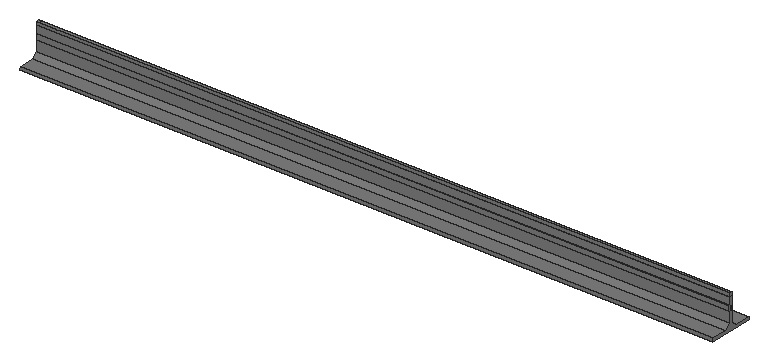
Revit family "K-Form_K85_p_i_t_5021201", category Generic Models, Revit 2020
Family settings
  Can host rebar = No
  Round Connector Dimension = Use Diameter
  Part Type = Normal
  Work Plane-Based = Yes
  Always vertical = No
  Cut with Voids When Loaded = No
  Shared = No
  Room Calculation Point = No
Parameters (values of type "K-Form K85 w. Raiser")
  Yes/No Topliste [instance] = yes
  Yes/No Raiser = yes
  Website Link [instance] = "https://www.haucon.fi/tuotteet/liikuntasaumalaitteet/k-form-valurajaaja-ja-liikuntasaumalaite/44/k-form"
  URL = ""
  Total Length [instance] = 2440 mm
  Technical Data Sheet [instance] = ""
  Plastic = PVC
  List Height = 114 mm
  K-Form Height = 85 mm
  Default Elevation = 1219.2 mm
Types (5, lengths in mm): name | Yes/No Raiser | List Height | K-Form Height
  (no name) | yes | 114 | 85
  K-Form K85 w. Raiser | yes | 114 | 85
  K-Form K135 | no | 135 | 135
  K-Form K85 | no | 85 | 85
  K-Form K135 w. Raiser | yes | 164 | 135
Reference planes
  plane 1 "Center (Front/Back)": y = 0
  plane 2: z = 0
  plane 3 "Center (Left/Right)": x = 0
  plane 4 "Total width": y = 155
  plane 5 "Total length": x = 2440
  plane 6 "Top Height": z = 25.455
  plane 7 "Total height": z = 85
Forms (mm)
  Extrusion 1, solid, material "PVC" <- "Plastic"
    sketch origin (0, 0, 0) x (0, 1, 0) y (0, 0, 1)
      loop
        line (0, 0) -> (155, 0) -> (155, 10) -> (97.91, 10) -> (82.455, 25.455) -> (82.455, 80.967) -> (79.455, 80.967) -> (79.455, 85) -> (75.455, 85) -> (75.455, 80.967) -> (72.455, 80.967) -> (72.455, 26.204) -> (56.251, 10) -> (0, 10) -> (0, 0)
    from 0 to 2440
Dimensions and locks
  "Total Length": plane 3 "Center (Left/Right)" to plane 5 "Total length"
  locked: plane 6 "Top Height" to Extrusion 1 sketch curve at 25.455
  locked: Extrusion 1 sketch curve to Extrusion 1 sketch curve at 10
  "K-Form Height": plane 7 "Total height" to level
  "List Height": nested 1 to level
  aligned and locked: level to plane 2
  aligned and locked: plane 4 "Total width" to Extrusion 1 sketch curve
  aligned and locked: plane 1 "Center (Front/Back)" to Extrusion 1 sketch curve
  aligned and locked: Extrusion 1 to plane 3 "Center (Left/Right)"
  aligned and locked: Extrusion 1 to plane 5 "Total length"
  aligned and locked: Extrusion 1 sketch curve to Extrusion 1 sketch curve
  aligned and locked: plane 5 "Total length" to nested 1
  aligned and locked: plane 3 "Center (Left/Right)" to nested 1
  aligned and locked: nested 2 to Extrusion 1  (x2)
  aligned and locked: nested 1 to Extrusion 1
  aligned and locked: plane 5 "Total length" to nested 2
Automatic sketch dimensions
  Extrusion 1 sketch curve to plane 7 "Total height" = 0 mm
  Extrusion 1 sketch curve to plane 6 "Top Height" = 0 mm
  level to Extrusion 1 sketch curve = 10 mm
  Extrusion 1 sketch curve to plane 1 "Center (Front/Back)" = 56.251 mm
  plane 6 "Top Height" to Extrusion 1 sketch curve = 0.749 mm
  Extrusion 1 sketch curve to Extrusion 1 sketch curve = 16.204 mm
  Extrusion 1 sketch curve to Extrusion 1 sketch curve = 3 mm
  Extrusion 1 sketch curve to Extrusion 1 sketch curve = 4 mm
  Extrusion 1 sketch curve to Extrusion 1 sketch curve = 10 mm
  Extrusion 1 sketch curve to Extrusion 1 sketch curve = 15.455 mm
  Extrusion 1 sketch curve to plane 7 "Total height" = 4.033 mm
Nested families
  nested 1: "K-Form_Topliste_p_i_5021204" at (0, 72.455, 110), visible <- "Yes/No Topliste", Total Length <- "Total Length", type "K-Form_Topliste_p_i_5021204"
    with Website Link "https://haucon.dk/produkt/k-form-gulvleder/#variations", Total Length 2440 mm, Technical Data Sheet "", Plastic PVC
  nested 2: "K-Form_Forhøjerliste_p_i_5021203" at (0, 49.424, 55), visible <- "Yes/No Raiser", type "K-Form_Forhøjerliste_p_i_5021203"
    with Website Link "https://haucon.dk/produkt/k-form-gulvleder/#variations", Total Length 2440 mm, Technical Data Sheet "", Plastic PVC
Definition of nested family "K-Form_Topliste_p_i_5021204"
  Parameters (values of type "K-Form_Topliste_p_i_5021204")
    Yes/No visibility = yes
    Website Link [instance] = "https://haucon.dk/produkt/k-form-gulvleder/#variations"
    URL = ""
    Total Length [instance] = 2440 mm
    Technical Data Sheet [instance] = ""
    Plastic [instance] = none
    Default Elevation = 1219.2 mm
  Reference planes
    plane 1 "Center (Front/Back)": y = 0
    plane 2: z = 0
    plane 3 "Center (Left/Right)": x = 0
    plane 4 "Total length": x = 2440
    plane 5 "Total Height": z = 10.027
    plane 6 "Total width": y = 10
  Forms (mm)
    Extrusion 1, solid, visible <- "Yes/No visibility"
      sketch origin (0, -72.455, -79.479) x (0, 1, 0) y (0, 0, 1)
        loop
          line (79.455, 79.479) -> (82.455, 79.479) -> (82.455, 89.506) -> (72.455, 89.506) -> (72.455, 79.479) -> (75.455, 79.479) -> (75.455, 83.479) -> (79.455, 83.479) -> (79.455, 79.479)
        loop
          line (79.455, 86.906) -> (75.455, 86.906) -> (75.455, 85.406) -> (79.455, 85.406) -> (79.455, 86.906)
      from 0 to 2440
  Dimensions and locks
    "Total Length": plane 3 "Center (Left/Right)" to plane 4 "Total length"
    plane 5 "Total Height" to level = 10.027 mm
    plane 6 "Total width" to plane 1 "Center (Front/Back)" = 10 mm
    aligned and locked: level to plane 2
    aligned and locked: Extrusion 1 sketch curve to plane 6 "Total width"
    aligned and locked: Extrusion 1 sketch curve to plane 5 "Total Height"
    aligned and locked: Extrusion 1 to plane 4 "Total length"
    aligned and locked: Extrusion 1 to plane 3 "Center (Left/Right)"
  Automatic sketch dimensions
    Extrusion 1 sketch curve to level = 0 mm  (x2)
    Extrusion 1 sketch curve to plane 1 "Center (Front/Back)" = 0 mm
    Extrusion 1 sketch curve to plane 1 "Center (Front/Back)" = 3 mm
    Extrusion 1 sketch curve to Extrusion 1 sketch curve = 0 mm  (x2)
    Extrusion 1 sketch curve to plane 6 "Total width" = 3 mm
    level to Extrusion 1 sketch curve = 4 mm
    Extrusion 1 sketch curve to Extrusion 1 sketch curve = 1.927 mm
    Extrusion 1 sketch curve to Extrusion 1 sketch curve = 1.5 mm
Definition of nested family "K-Form_Forhøjerliste_p_i_5021203"
  Parameters (values of type "K-Form_Forhøjerliste_p_i_5021203")
    Yes/No Raiser = yes
    Website Link [instance] = "https://haucon.dk/produkt/k-form-gulvleder/#variations"
    URL = ""
    Total Length [instance] = 2440 mm
    Top Height = 30 mm
    Technical Data Sheet [instance] = ""
    Plastic [instance] = none
    Default Elevation = 1219.2 mm
  Reference planes
    plane 1 "Center (Front/Back)": y = 0
    plane 2: z = 0
    plane 3 "Center (Left/Right)": x = 0
    plane 4 "Total length": x = 2440
    plane 5: z = 30
  Forms (mm)
    Extrusion 1, solid, visible <- "Yes/No Raiser"
      sketch origin (0, -49.424, -46.775) x (0, 1, 0) y (0, 0, 1)
        loop
          line (79.455, 76.775) -> (79.455, 72.742) -> (82.455, 72.742) -> (82.455, 55.723) -> (84.455, 55.723) -> (84.455, 72.742) -> (82.455, 74.742) -> (82.455, 101.759) -> (79.455, 101.759) -> (79.455, 105.759) -> (75.455, 105.759) -> (75.455, 101.759) -> (72.455, 101.759) -> (72.455, 74.742) -> (70.455, 72.742) -> (70.455, 55.723) -> (72.455, 55.723) -> (72.455, 72.742) -> (75.455, 72.742) -> (75.455, 76.775) -> (79.455, 76.775)
      from 0 to 2440
  Dimensions and locks
    "Total Length": plane 3 "Center (Left/Right)" to plane 4 "Total length"
    "Top Height": plane 5 to level
    aligned and locked: level to plane 2
    aligned and locked: plane 4 "Total length" to Extrusion 1
    aligned and locked: Extrusion 1 to plane 3 "Center (Left/Right)"
    aligned and locked: plane 5 to Extrusion 1
  Automatic sketch dimensions
    Extrusion 1 sketch curve to plane 1 "Center (Front/Back)" = 21.03 mm
    Extrusion 1 sketch curve to Extrusion 1 sketch curve = 2 mm  (x6)
    Extrusion 1 sketch curve to plane 1 "Center (Front/Back)" = 23.03 mm
    Extrusion 1 sketch curve to Extrusion 1 sketch curve = 3 mm  (x3)
    Extrusion 1 sketch curve to Extrusion 1 sketch curve = 4 mm  (x3)
    Extrusion 1 sketch curve to Extrusion 1 sketch curve = 10 mm
    Extrusion 1 sketch curve to Extrusion 1 sketch curve = 0 mm  (x3)
    Extrusion 1 sketch curve to Extrusion 1 sketch curve = 27.017 mm
    Extrusion 1 sketch curve to Extrusion 1 sketch curve = 2.033 mm
    level to Extrusion 1 sketch curve = 8.948 mm
    Extrusion 1 sketch curve to Extrusion 1 sketch curve = 17.019 mm
